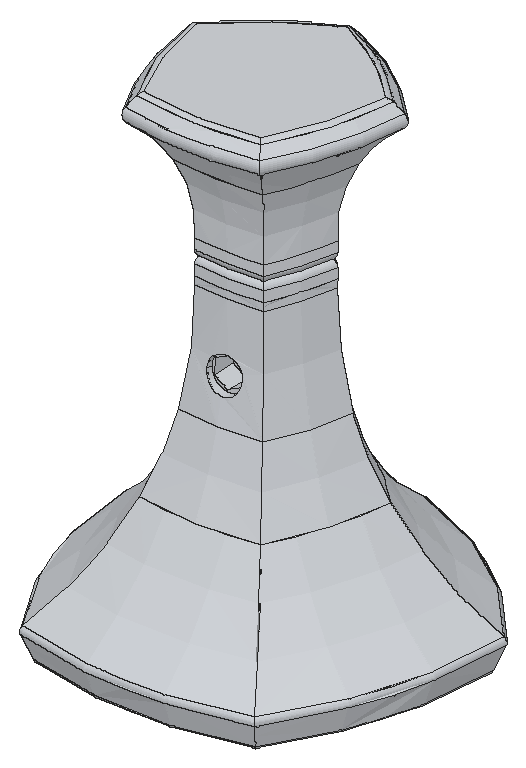
Revit family "Accessory-Robe_Hook-KOHLER-K-27069_1", category Specialty Equipment, host Face, Revit 2017
Parameters (values of type "CP-Polished Chrome")
  Width = (locked) 58.837 mm
  WaterSense Certified = 1 = 0  # no
  URL = "https://www.us.kohler.com/us/"
  Type = 5
  Product Page URL = "http://www.us.kohler.com/us/catalog/productDetails.jsp?productId=27069"
  Product Documentation Link = "https://www.us.kohler.com/webassets/kpna/catalog/pdf/en/K-27069_spec.pdf"
  Model = if(Type = 1, "K-27069-2MB", if(Type = 2, "K-27069-BL", if(Type = 3, "K-27069-BMB", if(Type = 4, "K-27069-BN", if(Type = 5, "K-27069-CP", if(Type = 6, "K-27069-SN", "NA"))))))  # "K-27069-CP"
  Material = (locked) "Premium Metal Construction"
  Master Format 2014 Name = (locked) "Toilet, Bath, and Laundry Accessories"
  Master Format 2014 = (locked) "10 28 00"
  Manufacturer Address = (locked) "444 Highland Dr, Kohler, WI 53044"
  Manufacturer = (locked) "KOHLER Co."
  Length = (locked) 76.994 mm
  Height = (locked) 58.638 mm
  Finish = Kohler-Metal-CP-Polished_Chrome
  Description = (locked) "ROBE HOOK"
  Date Modified = (locked) "02/18/2021"
  Date Created = (locked) "02/18/2021"
  Copyright = (locked) "Copyright KOHLER Co."
  Contact Us = "https://www.us.kohler.com/us/static/contact.jsp"
  Assembly Code = "C1030200"
  ADA Compliant = 1 = 0  # no
Types (7, lengths in mm): name | Type | Finish
  (no name) | 5 | Kohler-Metal-CP-Polished_Chrome
  2MB-Vibrant Brushed Moderne Brass | 1 | Kohler-Metal-2MB-Vibrant_Brushed_Moderne_Brass
  BL-Matte Black | 2 | Kohler-Metal-BL-Matte_Black
  BMB-Matte Black With Moderne Brass | 3 | KOHLER-Metal-BMB-Matte_Black_with_Moderne_Brass
  BN-Vibrant Brushed Nickel | 4 | Kohler-Metal-BN-Vibrant_Brushed_Nickel
  CP-Polished Chrome | 5 | Kohler-Metal-CP-Polished_Chrome
  SN-Vibrant Polished Nickel | 6 | Kohler-Metal-SN-Vibrant_Polished_Nickel
Reference planes
  plane 1 "Center (Front/Back)": y = 0
  plane 2: z = 0
  plane 3 "Center (Left/Right)": x = 0
  plane 4: y = 17.3
  plane 5: z = 53.294
  plane 6: y = -17.3
  plane 7: y = 29.408
  plane 8: y = -29.23
  plane 9: z = 76.994
  plane 10: x = 29.4
  plane 11: x = -29.437
  plane 12: x = 17.3
  plane 13: x = -17.3
Dimensions and locks
  locked: plane 5 to plane 9 at 23.7
  locked: plane 1 "Center (Front/Back)" to plane 6 at 17.3
  locked: plane 1 "Center (Front/Back)" to plane 8 at 29.23
  "Width": plane 11 to plane 10
  "Height": plane 8 to plane 7
  "Length": level to plane 9
Nested families
  nested 1: "K-27069" at (0, 0, 0)
Definition of nested family "K-27069"
  Parameters (values of type "K-27069")
    Material = none
  Reference planes
    plane 1 "Center (Front/Back)": y = 0
    plane 2: z = 0
    plane 3 "Center (Left/Right)": x = 0
    plane 4: z = 0
    plane 5: y = 29.37
    plane 6: y = -29.23
    plane 7: x = -29.4
    plane 8: x = 29.4
    plane 9: x = -17.3
    plane 10: z = 77
    plane 11: z = 53.3
    plane 12: x = 17.3
    plane 13: x = -8.629
    plane 14: x = 8.629
    plane 15: y = -8.63
    plane 16: y = -17.3
    plane 17: y = 8.63
    plane 18: y = 17.3
  Forms (mm)
    Sweep 1, solid, material <- "Material", detail levels medium+fine
      path origin (0, 0, 0) x (1, 0, 0) y (0, 1, 0)
        loop
          arc (0, 29.355) -> (-16.384, 21) -> (-29.392, 8) r 58.904
          arc (-29.392, 8) -> (-26.435, -10.125) -> (-18.104, -26.492) r 59.648
          arc (-18.104, -26.492) -> (0, -29.23) -> (18.104, -26.492) r 61.224
          arc (18.104, -26.492) -> (26.435, -10.125) -> (29.392, 8) r 59.648
          arc (29.392, 8) -> (16.384, 21) -> (0, 29.355) r 58.904
      profile origin (0, -29.23, 0) x (0, 1, 0) y (0, 0, 1)
        loop
          line (21.845, 0) -> (21.845, 77) -> (14.463, 77)
          arc (14.463, 77) -> (14.005, 76.905) -> (13.622, 76.634) r 1.15
          line (13.622, 76.634) -> (12.308, 75.225)
          arc (12.308, 75.225) -> (11.938, 74.141) -> (12.502, 73.143) r 1.4
          arc (12.502, 73.143) -> (15.415, 70.464) -> (17.679, 67.217) r 18.173
          arc (17.679, 67.217) -> (19.714, 61.751) -> (20.12, 55.933) r 20.408
          line (20.12, 55.933) -> (20.12, 54.299)
          arc (20.12, 54.299) -> (20.317, 53.685) -> (20.835, 53.3) r 1.055
          arc (20.835, 53.3) -> (20.317, 52.915) -> (20.12, 52.301) r 1.055
          line (20.12, 52.301) -> (20.12, 50.667)
          arc (20.12, 50.667) -> (20.137, 50.062) -> (20.149, 49.456) r 69.109
          arc (20.149, 49.456) -> (19.755, 40.943) -> (18.316, 32.543) r 69.109
          arc (18.316, 32.543) -> (16.512, 26.668) -> (13.942, 21.084) r 46.138
          arc (13.942, 21.084) -> (8, 12.516) -> (0.355, 5.425) r 48.215
          arc (0.355, 5.425) -> (0.005, 4.911) -> (0.047, 4.291) r 0.95
          line (0.047, 4.291) -> (1.662, 0.487)
          arc (1.662, 0.487) -> (1.957, 0.133) -> (2.398, 0) r 0.8
          line (2.398, 0) -> (21.845, 0)
    Extrusion 2, solid, material <- "Material", detail levels medium+fine
      sketch origin (0, 0, 0) x (1, 0, 0) y (0, 1, 0)
        loop
          arc (6.752, 0.709) -> (3.514, 3.348) -> (0, 5.605) r 37.059
          arc (0, 5.605) -> (-3.514, 3.348) -> (-6.752, 0.709) r 37.059
          arc (-6.752, 0.709) -> (-5.685, -3.297) -> (-4.185, -7.162) r 37.803
          arc (-4.185, -7.162) -> (0, -7.385) -> (4.185, -7.162) r 39.379
          arc (4.185, -7.162) -> (5.685, -3.297) -> (6.752, 0.709) r 37.803
      from 0 to 77
    Extrusion 3, void
      sketch origin (0, 0, 0) x (1, 0, 0) y (0, 0, 1)
        loop
          circle (0.009, 39.145) r 2.765
      from 5.199 to 26.904
    Extrusion 4, solid, material <- "Material", detail levels medium+fine
      sketch origin (0, 0, 0) x (1, 0, 0) y (0, 0, 1)
        loop
          circle (0.009, 39.145) r 2.765
        loop
          line (2.251, 40.19) -> (0.224, 41.61) -> (-2.018, 40.564) -> (-2.234, 38.099) -> (-0.207, 36.679) -> (2.036, 37.725) -> (2.251, 40.19)
      from 0 to 8.765
    Revolve 5, solid, material <- "Material", detail levels coarse
      sketch origin (0, 0, 0) x (1, 0, 0) y (0, 0, 1)
        loop
          line (0, 77) -> (0, 0) -> (29.4, 0) -> (29.4, 5.505)
          arc (29.4, 5.505) -> (19.442, 15.187) -> (12.845, 27.409) r 45.772
          arc (12.845, 27.409) -> (8.936, 44.595) -> (9.187, 62.217) r 74.27
          arc (9.187, 62.217) -> (11.832, 68.861) -> (17.3, 73.471) r 14.698
          line (17.3, 73.471) -> (17.3, 77) -> (0, 77)
        axis (0, 0) -> (0, 77)
      angle from 0 to 360
  Cuts and joins
    Extrusion 3 cuts Sweep 1
    Extrusion 3 cuts Extrusion 2
    joined: Sweep 1, Extrusion 2, Extrusion 4
  Dimensions and locks
    locked: plane 5 to plane 6 at 58.6
    locked: plane 7 to plane 8 at 58.8
    locked: plane 12 to plane 9 at 34.6
    locked: plane 10 to level at 77
    locked: plane 11 to level at 53.3
